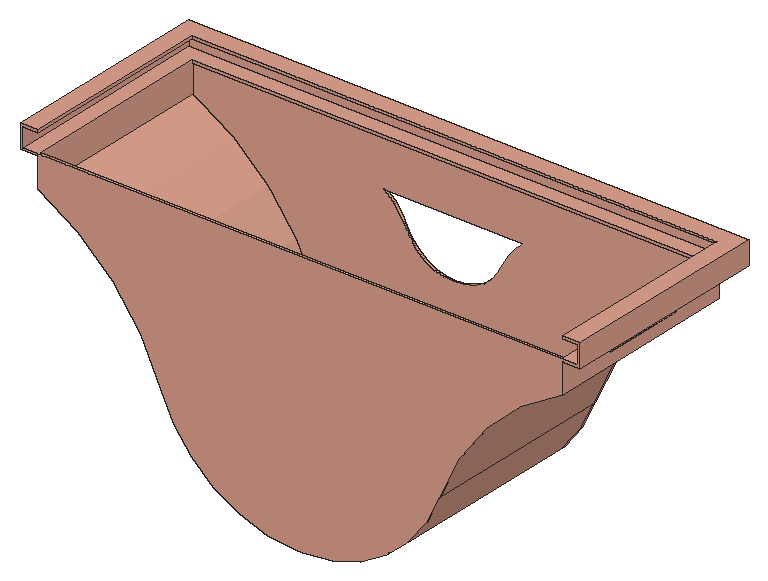
Revit family
Parameters (values of type "Continuous Spouting - Napoleon (Copper)")
  Ownership = "Continuous Spouting New Zealand Ltd"
  Outlet Width = 120.0 mm
  Lip Width = 15.0 mm  # constant formula
  Downpipe Radius = 40.0 mm
  Downpipe Offset = Distance from Wall + 80.0 mm  # 100.0 mm
  Width = 480.0 mm
  URL = "http://www.productspec.net/products/comp/2280/continuous-spouting-new-zealand-ltd-products.aspx"
  Type Comments = "Rainwater Head"
  Rainwater Head = Copper
  Model = "Napoleon"
  Manufacturer = "Continuous Spouting New Zealand Ltd"
  Height = 245.0 mm  # constant formula
  Distance from Wall = 20.0 mm
  Depth = 180.0 mm
  Created By = "Productspec Ltd"
  Author = "Zinder Zhao"
Types (5, lengths in mm): name | Rainwater Head
  Continuous Spouting - Napoleon (Copper) | Copper
  Continuous Spouting - Napoleon (Colorcote®) | Colorcote®
  Continuous Spouting - Napoleon (Aluminium) | Aluminium
  Continuous Spouting - Napoleon (Zinc) | Zinc
  Continuous Spouting - Napoleon (Unpainted Zincalume) | Unpainted Zincalume
Reference planes
  plane 1: y = 0
  plane 2 "Center (Left/Right)": x = 120
  plane 3 "Back": y = 75
  plane 4 "Rainwater Head Back": y = 95
  plane 5 "Rainwater Head Front": y = 260
  plane 6: y = 175
  plane 7: x = -120
  plane 8: x = 360
  plane 9: x = -105
  plane 10: x = 345
  plane 11: x = 60
  plane 12: x = 180
  plane 13: y = 275
  plane 14: z = 245
  plane 15: z = 225
  plane 16: z = 185.043
Forms (mm)
  Sweep 1, solid, material "Copper" <- "Rainwater Head"
    path origin (0, 0, 0) x (1, 0, 0) y (0, 1, 0)
      loop
        line (-120, 95) -> (-120, 275) -> (360, 275) -> (360, 95)
    profile origin (-120, 185, 0) x (-1, 0, 0) y (0, 0, 1)
      loop
        line (0, 245) -> (-15, 245) -> (-15, 243) -> (-2, 243) -> (-2, 227) -> (-15.998, 227) -> (-15.998, 225) -> (0, 225) -> (0, 245)
  Sweep 2, solid, material "Copper" <- "Rainwater Head"
    path origin (0, 95, 0) x (-1, 0, 0) y (0, 0, 1)
      loop
        line (-345, 225) -> (-345, 199.996)
        arc (-345, 199.996) -> (-280.607, 152.169) -> (-239.164, 83.493) r 207.508
        arc (-239.164, 83.493) -> (-193.78, 23.67) -> (-122.519, 0) r 126.822
        line (-122.519, 0) -> (-120, 0) -> (-117.481, 0)
        arc (-117.481, 0) -> (-46.22, 23.67) -> (-0.836, 83.493) r 126.822
        arc (-0.836, 83.493) -> (40.607, 152.169) -> (105, 199.996) r 207.508
        line (105, 199.996) -> (105, 225)
    profile origin (345, 95, 212.498) x (0, 1, 0) y (-1, 0, 0)
      loop
        line (165, 0.998) -> (0, 0.998) -> (0, 0) -> (165, 0) -> (165, 0.998)
  Extrusion 3, solid, material "Copper" <- "Rainwater Head"
    sketch origin (0, 260, 0) x (-1, 0, 0) y (0, 0, 1)
      loop
        line (-345, 225) -> (-345, 199.996)
        arc (-345, 199.996) -> (-280.607, 152.169) -> (-239.164, 83.493) r 207.508
        arc (-239.164, 83.493) -> (-193.78, 23.67) -> (-122.519, 0) r 126.822
        line (-122.519, 0) -> (-117.481, 0)
        arc (-117.481, 0) -> (-46.22, 23.67) -> (-0.836, 83.493) r 126.822
        arc (-0.836, 83.493) -> (40.607, 152.169) -> (105, 199.996) r 207.508
        line (105, 199.996) -> (105, 225) -> (-345, 225)
    from 0 to 2
  Extrusion 4, solid, material "Copper" <- "Rainwater Head"
    sketch origin (0, 95, 0) x (-1, 0, 0) y (0, 0, 1)
      loop
        arc (-344.002, 200.626) -> (-279.656, 152.607) -> (-238.226, 83.834) r 208.506
        arc (-238.226, 83.834) -> (-193.203, 24.485) -> (-122.509, 0.998) r 125.824
        line (-122.509, 0.998) -> (-117.491, 0.998)
        arc (-117.491, 0.998) -> (-46.797, 24.485) -> (-1.774, 83.834) r 125.824
        arc (-1.774, 83.834) -> (39.656, 152.607) -> (104.002, 200.626) r 208.506
        line (104.002, 200.626) -> (104.002, 227) -> (-344.002, 227) -> (-344.002, 200.626)
    from 0 to 2
  Extrusion 5, void
    sketch origin (0, 95, 0) x (-1, 0, 0) y (0, 0, 1)
      loop
        arc (-180, 185.043) -> (-169.454, 175.083) -> (-161.962, 162.661) r 53.64
        arc (-161.962, 162.661) -> (-145.117, 142.534) -> (-120, 134.917) r 45.931
        arc (-120, 134.917) -> (-94.883, 142.534) -> (-78.038, 162.661) r 45.931
        arc (-78.038, 162.661) -> (-70.546, 175.083) -> (-60, 185.043) r 53.64
        line (-60, 185.043) -> (-180, 185.043)
    from 80 to 279.748
  Extrusion 6, void
    sketch origin (0, 0, 0) x (1, 0, 0) y (0, 1, 0)
      loop
        circle (120, 175) r 40
    from 0 to 50
Cuts and joins
  Extrusion 5, Extrusion 6 cuts Sweep 1
  Extrusion 5, Extrusion 6 cuts Sweep 2
  Extrusion 5, Extrusion 6 cuts Extrusion 3
  Extrusion 5, Extrusion 6 cuts Extrusion 4
  joined: Sweep 1, Sweep 2, Extrusion 3, Extrusion 4
Lines and regions (mm)
  symbolic lines, style "Rainwater Head", detail levels medium+fine
    curve 1: line (-120, 95, 0) -> (-120, 275, 0)
    curve 2: line (-120, 275, 0) -> (360, 275, 0)
    curve 3: line (360, 275, 0) -> (360, 95, 0)
    curve 4: line (360, 95, 0) -> (-120, 95, 0)
  symbolic lines, style "Rainwater Head"
    curve 5: arc (160, 175, 0) -> (120, 215, 0) -> (80, 175, 0) r 40
    curve 6: arc (80, 175, 0) -> (120, 135, 0) -> (160, 175, 0) r 40
Text (mm)
  text "Placement side" at (-1787.139, 592.35, 0), in view "Ref. Level"
  text "Placement side" at (0, 1827.695, 2917.686), in view "Left"
  text "Placement side" at (0, 562.268, 3853.606), in view "Right"
Dimensions and locks
  locked: plane 3 "Back" to host wall at 0
  "Distance from Wall": plane 4 "Rainwater Head Back" to plane 3 "Back"
  "Downpipe Offset": plane 6 to plane 3 "Back"
  equal spacing: plane 7, plane 2 "Center (Left/Right)", plane 8
  "Width": plane 7 to plane 8
  "Lip Width": plane 7 to plane 9
  "Lip Width": plane 10 to plane 8
  "Lip Width": plane 13 to plane 5 "Rainwater Head Front"
  "Depth": plane 13 to plane 4 "Rainwater Head Back"
  locked: plane 15 to plane 14 at 20
  locked: plane 16 to plane 15 at 39.957
  "Height": level to plane 14
  "Outlet Width": plane 12 to plane 11
  equal spacing: plane 12, plane 2 "Center (Left/Right)", plane 11
  "Downpipe Radius": radius of Extrusion 6 sketch curve
  aligned and locked: host wall to plane 1
  aligned and locked: Extrusion 5 to plane 6
  aligned and locked: Sweep 2 sketch curve to plane 10
  aligned and locked: Sweep 2 sketch curve to plane 4 "Rainwater Head Back"
  aligned and locked: plane 5 "Rainwater Head Front" to Sweep 2 sketch curve
  aligned and locked: plane 9 to Sweep 2 sketch curve
  aligned and locked: level to Sweep 2 sketch curve
  aligned and locked: plane 10 to Sweep 2 sketch curve
  aligned and locked: Sweep 1 sketch curve to plane 7
  aligned and locked: Sweep 1 sketch curve to plane 13
  aligned and locked: Sweep 1 sketch curve to plane 8
  aligned and locked: plane 7 to Sweep 1 sketch curve
  aligned and locked: Extrusion 3 sketch curve to cut or joined group of Sweep 1, Sweep 2, Extrusion 3, Extrusion 4, Extrusion 5, Extrusion 6  (x7)
  aligned and locked: Sweep 1 sketch curve to cut or joined group of Sweep 1, Sweep 2, Extrusion 3, Extrusion 4, Extrusion 5, Extrusion 6
  aligned and locked: plane 4 "Rainwater Head Back" to curve 4
  aligned and locked: curve 3 to plane 8
  aligned and locked: curve 2 to plane 13
  aligned and locked: curve 1 to plane 7
  aligned and locked: curve 5 to cut or joined group of Sweep 1, Sweep 2, Extrusion 3, Extrusion 4, Extrusion 5, Extrusion 6
  aligned and locked: plane 14 to cut or joined group of Sweep 1, Sweep 2, Extrusion 3, Extrusion 4, Extrusion 5, Extrusion 6
  aligned and locked: plane 15 to cut or joined group of Sweep 1, Sweep 2, Extrusion 3, Extrusion 4, Extrusion 5, Extrusion 6  (x2)
  aligned and locked: plane 15 to Sweep 2 sketch curve  (x2)
  aligned and locked: Extrusion 5 sketch curve to plane 16
  aligned and locked: plane 6 to curve 6
Automatic sketch dimensions
  Sweep 1 sketch curve to plane 4 "Rainwater Head Back" = 0.0 mm  (x2)
  Sweep 2 sketch curve to plane 2 "Center (Left/Right)" = 0.0 mm
  plane 2 "Center (Left/Right)" to Sweep 2 sketch curve = 0.036 mm
  plane 2 "Center (Left/Right)" to Sweep 2 sketch curve = 2.519 mm
  Sweep 2 sketch curve to Sweep 2 sketch curve = 0.0 mm  (x2)
  level to Sweep 2 sketch curve = 12.639 mm  (x2)
  plane 8 to Sweep 2 sketch curve = 74.2 mm
  Sweep 2 sketch curve to plane 2 "Center (Left/Right)" = 0.036 mm
  Sweep 2 sketch curve to Sweep 2 sketch curve = 2.519 mm
  plane 7 to Sweep 2 sketch curve = 74.2 mm
  Sweep 2 sketch curve to Sweep 2 sketch curve = 25.004 mm  (x2)
  Sweep 2 sketch curve to profile plane = 0.998 mm
  plane 12 to Extrusion 5 sketch curve = 31.218 mm
  Extrusion 5 sketch curve to plane 12 = 18.038 mm
  Extrusion 5 sketch curve to Extrusion 5 sketch curve = 0.0 mm  (x2)
  plane 2 "Center (Left/Right)" to Extrusion 5 sketch curve = 0.216 mm
  Extrusion 5 sketch curve to plane 2 "Center (Left/Right)" = 0.216 mm
  plane 11 to Extrusion 5 sketch curve = 18.038 mm
  Extrusion 5 sketch curve to plane 11 = 31.218 mm
  Extrusion 5 sketch curve to Extrusion 5 sketch curve = 6.506 mm
  Extrusion 5 sketch curve to plane 2 "Center (Left/Right)" = 0.0 mm
  Extrusion 3 sketch curve to Extrusion 3 sketch curve = 25.004 mm
  profile plane to Sweep 1 sketch curve = 2.0 mm
  level to Sweep 1 sketch curve = 225.0 mm
  Sweep 1 sketch curve to Sweep 1 sketch curve = 2.0 mm  (x2)
  Sweep 1 sketch curve to Sweep 1 sketch curve = 16.0 mm
  Sweep 1 sketch curve to Sweep 1 sketch curve = 13.0 mm
  Extrusion 6 sketch curve to plane 2 "Center (Left/Right)" = 0.0 mm
  Extrusion 6 sketch curve to plane 6 = 0.0 mm
  Extrusion 5 sketch curve to plane 12 = 0.0 mm
  Extrusion 5 sketch curve to plane 11 = 0.0 mm
  level to Extrusion 4 sketch curve = 12.639 mm  (x2)
  plane 8 to Extrusion 4 sketch curve = 74.2 mm
  plane 10 to Extrusion 4 sketch curve = 0.998 mm
  plane 12 to Extrusion 4 sketch curve = 58.226 mm
  Extrusion 4 sketch curve to Extrusion 4 sketch curve = 0.0 mm  (x2)
  level to Extrusion 4 sketch curve = 0.998 mm
  plane 2 "Center (Left/Right)" to Extrusion 4 sketch curve = 2.509 mm
  plane 2 "Center (Left/Right)" to Extrusion 4 sketch curve = 0.036 mm
  Extrusion 4 sketch curve to plane 2 "Center (Left/Right)" = 0.036 mm
  Extrusion 4 sketch curve to plane 2 "Center (Left/Right)" = 2.509 mm
  Extrusion 4 sketch curve to plane 11 = 58.226 mm
  Extrusion 4 sketch curve to plane 9 = 0.998 mm
  plane 7 to Extrusion 4 sketch curve = 74.2 mm
  plane 15 to Extrusion 4 sketch curve = 2.0 mm
